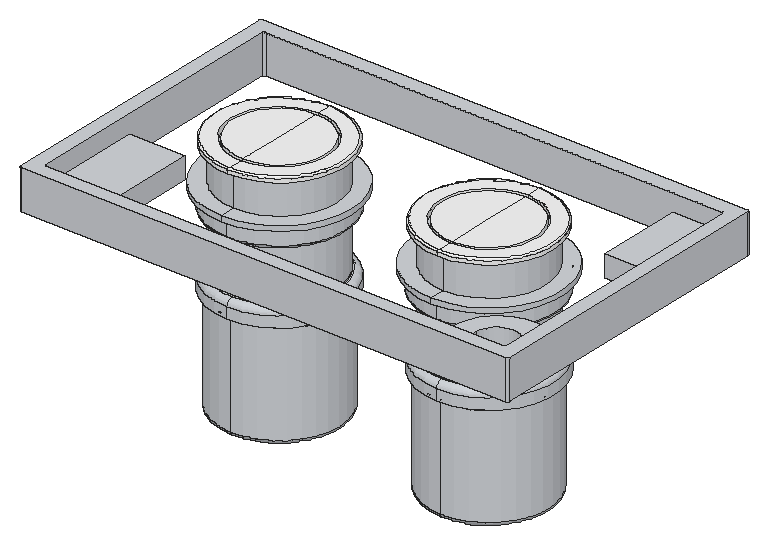
Revit family "Reece_Cistern Buttons_Hideaway_Plus_Cistern Button_Remote Access_Round Button", category Plumbing Fixtures, host Face, Revit 2018
Family settings
  Host = Face
  Round Connector Dimension = Use Diameter
  Part Type = Normal
  Cut with Voids When Loaded = No
  Shared = Yes
  Room Calculation Point = Yes
Parameters (values of type "Bright Chrome")
  Waste Connection = no
  WFU = 0  # constant formula
  Vent Connection = no
  URL = "https://www.reece.com.au/product/-9503686"
  Type Comments = "Cistern Buttons\r\n"
  Reece_Product_Web Page = "https://www.reece.com.au/product/-9503686"
  Reece_Product_Type = "Cistern Buttons\r\n"  # constant formula
  Reece_Product_Sub Brand = "Plus\r\n"  # constant formula
  Reece_Product_Number = "9503686"
  Reece_Product_Mount = "Wall Mounted"
  Reece_Product_Description = "Hideaway+ Round Remote Access Button Only (Inwall) ABS Chrome"
  Reece_Product_Brand = "Hideaway\r\n"  # constant formula
  Reece_Overall_Width = 46 mm  # constant formula
  Reece_Overall_Height = 46 mm  # constant formula
  Reece_Material_Main = Reece_Plastic_ABS_Bright Chrome
  Reece_Detail_Shape = "Round Button\r\n"  # constant formula
  Reece_Detail_Disclaimer = "THIS FILE IS THE PROPERTY OF THE REECE GROUP. IT MAY NOT BE REPRODUCED, REVERSE-ENGINEERED OR MODIFIED. ANY REPUBLICATION, TRANSMISSION OR DISTRIBUTION FOR THE PURPOSE OF COMMERCIALLY EXPLOITING THE FILES IS PROHIBITED."  # constant formula
  Reece_Detail_Additional = "Remote Access\r\n"  # constant formula
  Model = "Plus\r\n"
  Manufacturer = "Hideaway\r\n"
  Keynote = "Product #9503686, Reece_Cistern Buttons_Hideaway_Plus_Cistern Button_Remote Access_Round Button - Bright Chrome"
  HWFU = 0  # constant formula
  HW Connection = no
  Disclaimer = "THIS FILE IS THE PROPERTY OF THE REECE GROUP. IT MAY NOT BE REPRODUCED, REVERSE-ENGINEERED OR MODIFIED. ANY REPUBLICATION, TRANSMISSION OR DISTRIBUTION FOR THE PURPOSE OF COMMERCIALLY EXPLOITING THE FILES IS PROHIBITED."  # constant formula
  Description = "Hideaway+ Round Remote Access Button Only (Inwall) ABS Chrome"
  Default Elevation = 1000 mm
  CWFU = 0  # constant formula
  CW Connection = no
Types (2, lengths in mm): name | Keynote
  (no name) | "Product #9503686, Reece_Cistern Buttons_Hideaway_Plus_Cistern Button_Remote Access_Round Button -  "
  Bright Chrome | "Product #9503686, Reece_Cistern Buttons_Hideaway_Plus_Cistern Button_Remote Access_Round Button - Bright Chrome"
Reference planes
  plane 1 "Center (Front/Back)": y = 0
  plane 2 "Bottom": z = 0
  plane 3 "Center (Left/Right)": x = 0
  plane 4 "Top": z = 1.8
  plane 5 "ref1": x = -37.5
  plane 6 "ref2": x = 37.5
  plane 7: z = -95.2
  plane 8: x = -60.5
  plane 9: x = -14.5
  plane 10: x = 60.5
  plane 11: x = 14.5
  plane 12: x = -63.482
  plane 13: x = -11.531
  plane 14: x = 11.516
  plane 15: x = 63.482
  plane 16: y = 23
  plane 17: y = -23
  plane 18 "ref3": z = -1.8
  plane 19 "ref4": z = -15.736
Forms (mm)
  Revolve 1, solid
    sketch origin (-37.5, -4560.75, 113.027) x (0, 0, 1) y (0, -1, 0)
      loop
        arc (-208.227, -4580.807) -> (-208.061, -4581.209) -> (-207.66, -4581.375) r 0.568
        line (-207.66, -4581.375) -> (-201.58, -4581.375) -> (-201.58, -4555.375)
        arc (-201.58, -4555.375) -> (-206.28, -4557.316) -> (-208.227, -4562.013) r 6.638
        line (-208.227, -4562.013) -> (-208.227, -4580.807)
      axis (-201.58, -4555.375) -> (-201.58, -4581.375)
    angle from 0 to 360
  Revolve 2, solid
    sketch origin (-37.487, -4560.75, 113.809) x (0, 0, 1) y (0, -1, 0)
      loop
        line (-203.651, -4585.804) -> (-203.651, -4580.683) -> (-208.816, -4580.683) -> (-208.816, -4582.642)
        arc (-208.816, -4582.642) -> (-208.667, -4583) -> (-208.309, -4583.148) r 0.506
        line (-208.309, -4583.148) -> (-207.218, -4583.148) -> (-207.218, -4584.033) -> (-208.65, -4584.033) -> (-208.65, -4585.804) -> (-203.651, -4585.804)
      axis (-203.651, -4580.683) -> (-203.651, -4585.804)
    angle from 0 to 360
  Revolve 3, solid
    sketch origin (-37.5, -4572, 113.34) x (0, 0, 1) y (0, -1, 0)
      loop
        line (-127.301, -4597.982) -> (-125.53, -4597.982) -> (-125.53, -4592.339) -> (-113.34, -4592.339) -> (-113.34, -4572) -> (-197.969, -4572) -> (-197.969, -4592.428)
        arc (-197.969, -4592.428) -> (-197.639, -4593.226) -> (-196.841, -4593.557) r 1.128
        line (-196.841, -4593.557) -> (-160.747, -4593.557)
        arc (-160.747, -4593.557) -> (-160.02, -4593.858) -> (-159.719, -4594.585) r 1.028
        line (-159.719, -4594.585) -> (-159.719, -4595.38) -> (-155.843, -4595.346)
        arc (-155.843, -4595.346) -> (-154.279, -4594.686) -> (-153.633, -4593.117) r 2.229
        line (-153.633, -4593.117) -> (-153.633, -4591.787)
        arc (-153.633, -4591.787) -> (-153.494, -4592.175) -> (-153.116, -4592.339) r 0.519
        line (-153.116, -4592.339) -> (-133.937, -4592.339) -> (-133.937, -4594.982)
        arc (-133.937, -4594.982) -> (-133.791, -4595.336) -> (-133.437, -4595.482) r 0.5
        line (-133.437, -4595.482) -> (-127.301, -4595.482) -> (-127.301, -4597.982)
      axis (-113.34, -4572) -> (-197.969, -4572)
    angle from 0 to 360
  Revolve 4, solid, material "Reece_Plastic_ABS_Bright Chrome" <- "Reece_Material_Main"
    sketch origin (-37.5, -4572, 113.34) x (0, 0, 1) y (0, -1, 0)
      loop
        line (-113.34, -4595) -> (-112.053, -4595)
        arc (-112.053, -4595) -> (-111.69, -4594.85) -> (-111.54, -4594.487) r 0.513
        line (-111.54, -4594.487) -> (-111.54, -4572) -> (-113.34, -4572) -> (-113.34, -4595)
      axis (-111.54, -4572) -> (-113.34, -4572)
    angle from 0 to 360
  Revolve 5, solid, material "Reece_Plastic_ABS_Bright Chrome" <- "Reece_Material_Main"
    sketch origin (37.5, -4572, 104.634) x (0, 0, 1) y (0, -1, 0)
      loop
        line (-104.634, -4595) -> (-103.347, -4595)
        arc (-103.347, -4595) -> (-102.984, -4594.85) -> (-102.834, -4594.487) r 0.513
        line (-102.834, -4594.487) -> (-102.834, -4572) -> (-104.634, -4572) -> (-104.634, -4595)
      axis (-102.834, -4572) -> (-104.634, -4572)
    angle from 0 to 360
  Revolve 6, solid
    sketch origin (37.5, -4560.75, 106.196) x (0, 0, 1) y (0, -1, 0)
      loop
        arc (-201.396, -4580.807) -> (-201.23, -4581.209) -> (-200.829, -4581.375) r 0.568
        line (-200.829, -4581.375) -> (-194.749, -4581.375) -> (-194.749, -4555.375)
        arc (-194.749, -4555.375) -> (-199.449, -4557.316) -> (-201.396, -4562.013) r 6.638
        line (-201.396, -4562.013) -> (-201.396, -4580.807)
      axis (-194.749, -4555.375) -> (-194.749, -4581.375)
    angle from 0 to 360
  Revolve 7, solid
    sketch origin (37.5, -4560.75, 105.103) x (0, 0, 1) y (0, -1, 0)
      loop
        line (-194.945, -4585.804) -> (-194.945, -4580.683) -> (-200.11, -4580.683) -> (-200.11, -4582.642)
        arc (-200.11, -4582.642) -> (-199.961, -4583) -> (-199.604, -4583.148) r 0.506
        line (-199.604, -4583.148) -> (-198.512, -4583.148) -> (-198.512, -4584.033) -> (-199.944, -4584.033) -> (-199.944, -4585.804) -> (-194.945, -4585.804)
      axis (-194.945, -4580.683) -> (-194.945, -4585.804)
    angle from 0 to 360
  Revolve 8, solid
    sketch origin (37.5, -4572, 104.634) x (0, 0, 1) y (0, -1, 0)
      loop
        line (-118.595, -4597.982) -> (-116.824, -4597.982) -> (-116.824, -4592.339) -> (-104.634, -4592.339) -> (-104.634, -4572) -> (-189.263, -4572) -> (-189.263, -4592.428)
        arc (-189.263, -4592.428) -> (-188.933, -4593.226) -> (-188.135, -4593.557) r 1.128
        line (-188.135, -4593.557) -> (-152.041, -4593.557)
        arc (-152.041, -4593.557) -> (-151.314, -4593.858) -> (-151.013, -4594.585) r 1.028
        line (-151.013, -4594.585) -> (-151.013, -4595.38) -> (-147.138, -4595.346)
        arc (-147.138, -4595.346) -> (-145.574, -4594.686) -> (-144.927, -4593.117) r 2.229
        line (-144.927, -4593.117) -> (-144.927, -4591.787)
        arc (-144.927, -4591.787) -> (-144.788, -4592.175) -> (-144.41, -4592.339) r 0.519
        line (-144.41, -4592.339) -> (-125.231, -4592.339) -> (-125.231, -4594.982)
        arc (-125.231, -4594.982) -> (-125.085, -4595.336) -> (-124.731, -4595.482) r 0.5
        line (-124.731, -4595.482) -> (-118.595, -4595.482) -> (-118.595, -4597.982)
      axis (-104.634, -4572) -> (-189.263, -4572)
    angle from 0 to 360
  Revolve 9, void
    sketch origin (37.5, -4572, 104.634) x (0, 0, 1) y (0, -1, 0)
      loop
        line (-102.278, -4571.981) -> (-102.278, -4548.001) -> (-115.335, -4548.001) -> (-115.335, -4571.981) -> (-102.278, -4571.981)
      axis (-102.278, -4572) -> (-115.335, -4572)
    angle from 0 to 360
  Revolve 10, void
    sketch origin (-37.5, -4572, 113.34) x (0, 0, 1) y (0, -1, 0)
      loop
        line (-110.984, -4571.981) -> (-110.984, -4548.001) -> (-124.041, -4548.001) -> (-124.041, -4571.981) -> (-110.984, -4571.981)
      axis (-110.984, -4572) -> (-124.041, -4572)
    angle from 0 to 360
  Revolve 11, void
    sketch origin (37.5, -4572, 104.634) x (0, 0, 1) y (0, -1, 0)
      loop
        line (-100.895, -4554.642) -> (-104.634, -4554.642) -> (-104.634, -4555.642) -> (-100.895, -4555.642) -> (-100.895, -4554.642)
      axis (-100.895, -4572) -> (-104.634, -4572)
    angle from 0 to 360
  Revolve 12, void
    sketch origin (-37.5, -4572, 113.34) x (0, 0, 1) y (0, -1, 0)
      loop
        line (-109.601, -4554.642) -> (-113.34, -4554.642) -> (-113.34, -4555.642) -> (-109.601, -4555.642) -> (-109.601, -4554.642)
      axis (-109.601, -4572) -> (-113.34, -4572)
    angle from 0 to 360
  Revolve 13, void
    sketch origin (37.5, -4572, 104.634) x (0, 0, 1) y (0, -1, 0)
      loop
        line (-194.543, -4599.516) -> (-194.543, -4593.183) -> (-197.822, -4593.183) -> (-197.822, -4599.516) -> (-194.543, -4599.516)
      axis (-194.543, -4593.183) -> (-194.543, -4599.516)
    angle from 0 to 360
  Revolve 14, void
    sketch origin (-37.5, -4572, 113.34) x (0, 0, 1) y (0, -1, 0)
      loop
        line (-203.249, -4599.516) -> (-203.249, -4593.183) -> (-206.528, -4593.183) -> (-206.528, -4599.516) -> (-203.249, -4599.516)
      axis (-203.249, -4593.183) -> (-203.249, -4599.516)
    angle from 0 to 360
  Extrusion 15, solid
    sketch origin (0.003, 2.013, 0) x (1, 0, 0) y (0, 1, 0)
      loop
        arc (-81.691, 46.993) -> (-82.257, 46.758) -> (-82.491, 46.193) r 0.8
        line (-82.491, 46.193) -> (-82.491, -50.207)
        arc (-82.491, -50.207) -> (-82.257, -50.773) -> (-81.691, -51.007) r 0.8
        line (-81.691, -51.007) -> (81.709, -51.007)
        arc (81.709, -51.007) -> (82.275, -50.773) -> (82.509, -50.207) r 0.8
        line (82.509, -50.207) -> (82.509, 46.193)
        arc (82.509, 46.193) -> (82.275, 46.758) -> (81.709, 46.993) r 0.8
        line (81.709, 46.993) -> (-81.691, 46.993)
      loop
        arc (-87.491, -55.207) -> (-87.257, -55.773) -> (-86.691, -56.007) r 0.8
        line (-86.691, -56.007) -> (86.709, -56.007)
        arc (86.709, -56.007) -> (87.275, -55.773) -> (87.509, -55.207) r 0.8
        line (87.509, -55.207) -> (87.509, 51.193)
        arc (87.509, 51.193) -> (87.275, 51.758) -> (86.709, 51.993) r 0.8
        line (86.709, 51.993) -> (-86.691, 51.993)
        arc (-86.691, 51.993) -> (-87.257, 51.758) -> (-87.491, 51.193) r 0.8
        line (-87.491, 51.193) -> (-87.491, -55.207)
    from -1.8 to -15.736
  Extrusion 16, solid
    sketch origin (0.012, 0.006, 0) x (1, 0, 0) y (0, 1, 0)
      loop
        line (81.7, 49) -> (64.407, 49) -> (64.407, 18.2) -> (82.5, 18.2) -> (82.5, 48.2)
        arc (82.5, 48.2) -> (82.266, 48.766) -> (81.7, 49) r 0.8
      loop
        line (-82.5, -11.274) -> (-82.5, -40.412) -> (-62.5, -40.412) -> (-62.5, -11.274) -> (-82.5, -11.274)
    from -15.736 to -8.074
  Extrusion 17, solid
    sketch origin (0.012, 0.006, 0) x (1, 0, 0) y (0, 1, 0)
      loop
        arc (81.7, -49) -> (82.266, -48.766) -> (82.5, -48.2) r 0.8
        line (82.5, -48.2) -> (82.5, -22.255) -> (71.456, -22.255)
        arc (71.456, -22.255) -> (59.814, -27.077) -> (54.992, -38.719) r 16.464
        line (54.992, -38.719) -> (54.992, -49) -> (81.7, -49)
      loop
        circle (69.689, -36.831) r 7.432
    from -15.736 to -9.597
  Extrusion 18, void
    sketch origin (0, 0, 0) x (1, 0, 0) y (0, 1, 0)
      loop
        arc (-87.488, -53.194) -> (-87.253, -53.76) -> (-86.688, -53.994) r 0.8
        line (-86.688, -53.994) -> (86.712, -53.994)
        arc (86.712, -53.994) -> (87.278, -53.76) -> (87.512, -53.194) r 0.8
        line (87.512, -53.194) -> (87.512, 53.206)
        arc (87.512, 53.206) -> (87.278, 53.771) -> (86.712, 54.006) r 0.8
        line (86.712, 54.006) -> (-86.688, 54.006)
        arc (-86.688, 54.006) -> (-87.253, 53.771) -> (-87.488, 53.206) r 0.8
        line (-87.488, 53.206) -> (-87.488, -53.194)
    from -95.2 to -1.8
Cuts and joins
  Revolve 10, Revolve 11, Revolve 12 cuts Revolve 5
  Revolve 12 cuts Revolve 8
  joined: Revolve 1, Revolve 3, Revolve 6, Revolve 8, Extrusion 15
  Revolve 12 cuts Revolve 4
  Revolve 13 cuts Revolve 7
  Revolve 14 cuts Revolve 2
Text (mm)
  text "Reece Copyright © 2018, Reece Ltd." at (-41.834, -189.277, 0), in view "Ref. Level"
  text "Reece ©" at (48.566, 204.762, 133.975), in view "Reece Preview"
Dimensions and locks
  plane 5 "ref1" to plane 6 "ref2" = 75 mm
  equal spacing: plane 5 "ref1", plane 3 "Center (Left/Right)", plane 6 "ref2"
  locked: plane 4 "Top" to host face at 1.8
  plane 6 "ref2" to plane 5 "ref1" = 75 mm
  equal spacing: plane 6 "ref2", plane 3 "Center (Left/Right)", plane 5 "ref1"
  plane 7 to plane 4 "Top" = 97 mm
  plane 4 "Top" to plane 7 = 97 mm  (x3)
  plane 8 to plane 9 = 46 mm  (x2)
  plane 11 to plane 10 = 46 mm
  plane 12 to plane 13 to plane 3 "Center (Left/Right)" to plane 14 to plane 15 = 51.951 mm locked, 11.531 mm, 11.516 mm, 51.966 mm locked
  plane 12 to plane 13 = 51.951 mm
  plane 14 to plane 15 = 51.966 mm
  "Reece_Overall_Width": plane 16 to plane 17
  plane 10 to plane 11 = 46 mm
  host face to plane 4 "Top" = 1.8 mm
  host face to Revolve 3 = 46.379 mm
  host face to cut or joined group of Revolve 1, Revolve 3, Revolve 6, Revolve 8, Revolve 12, Extrusion 15 = 46.379 mm
  locked: plane 2 "Bottom" to plane 18 "ref3" at 1.8
  aligned and locked: plane 2 "Bottom" to host face
  aligned and locked: level to host face
  aligned and locked: Revolve 9 sketch curve to plane 1 "Center (Front/Back)"
  aligned and locked: Revolve 11 sketch curve to plane 1 "Center (Front/Back)"
  aligned and locked: Extrusion 15 to plane 18 "ref3"
  aligned and locked: plane 19 "ref4" to cut or joined group of Revolve 1, Revolve 3, Revolve 6, Revolve 8, Revolve 12, Extrusion 15
  aligned and locked: Extrusion 18 to cut or joined group of Revolve 1, Revolve 3, Revolve 6, Revolve 8, Revolve 12, Extrusion 15
  aligned and locked: Extrusion 18 to plane 7
Automatic sketch dimensions
  host sketch curve to host sketch curve = 380.785 mm
  host sketch curve to host sketch curve = 317.421 mm
  Revolve 1 sketch curve to plane 7 = 0 mm
  plane 7 to Revolve 1 sketch curve = 0.568 mm
  Revolve 1 sketch curve to plane 1 "Center (Front/Back)" = 1.263 mm
  Revolve 1 sketch curve to Revolve 1 sketch curve = 6.638 mm
  plane 1 "Center (Front/Back)" to Revolve 1 sketch curve = 5.375 mm
  Revolve 1 sketch curve to plane 16 = 2.943 mm
  plane 7 to Revolve 1 sketch curve = 6.648 mm
  plane 16 to Revolve 1 sketch curve = 6.565 mm
  Revolve 1 sketch curve to Revolve 1 sketch curve = 3.688 mm
  plane 7 to Revolve 2 sketch curve = 0.193 mm
  plane 7 to Revolve 2 sketch curve = 0.359 mm
  Revolve 2 sketch curve to Revolve 2 sketch curve = 0.506 mm
  plane 16 to Revolve 2 sketch curve = 0.283 mm
  Revolve 2 sketch curve to Revolve 2 sketch curve = 1.091 mm
  Revolve 2 sketch curve to Revolve 2 sketch curve = 3.567 mm
  plane 16 to Revolve 2 sketch curve = 2.054 mm
  Revolve 2 sketch curve to Revolve 2 sketch curve = 1.77 mm
  Revolve 2 sketch curve to plane 16 = 0.602 mm
  Revolve 2 sketch curve to Revolve 2 sketch curve = 1.959 mm
  Revolve 2 sketch curve to Revolve 2 sketch curve = 0 mm
  Revolve 2 sketch curve to Revolve 2 sketch curve = 3.874 mm
  plane 1 "Center (Front/Back)" to Revolve 2 sketch curve = 8.51 mm
  Revolve 3 sketch curve to plane 1 "Center (Front/Back)" = 0 mm  (x2)
  level to Revolve 3 sketch curve = 0 mm
  plane 16 to Revolve 3 sketch curve = 2.982 mm
  Revolve 3 sketch curve to level = 12.191 mm
  plane 16 to Revolve 3 sketch curve = 0.482 mm
  Revolve 3 sketch curve to Revolve 3 sketch curve = 1.771 mm
  Revolve 3 sketch curve to Revolve 3 sketch curve = 6.135 mm
  Revolve 3 sketch curve to Revolve 3 sketch curve = 0.5 mm
  Revolve 3 sketch curve to plane 16 = 3.179 mm
  Revolve 3 sketch curve to Revolve 3 sketch curve = 19.179 mm
  Revolve 3 sketch curve to Revolve 3 sketch curve = 0.518 mm
  plane 16 to Revolve 3 sketch curve = 0.346 mm
  Revolve 3 sketch curve to Revolve 3 sketch curve = 2.21 mm
  Revolve 3 sketch curve to plane 16 = 1.883 mm
  plane 16 to Revolve 3 sketch curve = 0.38 mm
  Revolve 3 sketch curve to Revolve 3 sketch curve = 3.875 mm
  Revolve 3 sketch curve to plane 16 = 0.415 mm
  Revolve 3 sketch curve to Revolve 3 sketch curve = 1.028 mm
  plane 7 to Revolve 3 sketch curve = 11.699 mm
  Revolve 3 sketch curve to Revolve 3 sketch curve = 1.128 mm
  Revolve 3 sketch curve to Revolve 3 sketch curve = 2.642 mm
  Revolve 3 sketch curve to plane 16 = 2.661 mm
  Revolve 3 sketch curve to Revolve 3 sketch curve = 5.988 mm
  plane 4 "Top" to Revolve 3 sketch curve = 26.918 mm
  Revolve 4 sketch curve to plane 1 "Center (Front/Back)" = 0 mm  (x2)
  level to Revolve 4 sketch curve = 0 mm
  Revolve 4 sketch curve to plane 16 = 0 mm
  Revolve 4 sketch curve to plane 4 "Top" = 0 mm
  Revolve 4 sketch curve to plane 4 "Top" = 0.513 mm
  Revolve 4 sketch curve to level = 5.832 mm
  Revolve 4 sketch curve to Revolve 4 sketch curve = 14.481 mm
  Revolve 5 sketch curve to plane 1 "Center (Front/Back)" = 0 mm  (x2)
  Revolve 5 sketch curve to level = 0 mm
  Revolve 5 sketch curve to plane 16 = 0 mm
  Revolve 5 sketch curve to plane 4 "Top" = 0 mm
  plane 4 "Top" to Revolve 5 sketch curve = 0.513 mm
  level to Revolve 5 sketch curve = 5.832 mm
  Revolve 5 sketch curve to Revolve 5 sketch curve = 14.481 mm
  Revolve 6 sketch curve to plane 7 = 0 mm
  Revolve 6 sketch curve to plane 7 = 0.568 mm
  plane 1 "Center (Front/Back)" to Revolve 6 sketch curve = 1.263 mm
  Revolve 6 sketch curve to Revolve 6 sketch curve = 6.638 mm
  Revolve 6 sketch curve to plane 1 "Center (Front/Back)" = 5.375 mm
  plane 16 to Revolve 6 sketch curve = 2.943 mm
  Revolve 6 sketch curve to plane 7 = 6.648 mm
  Revolve 6 sketch curve to plane 16 = 6.565 mm
  Revolve 6 sketch curve to Revolve 6 sketch curve = 3.688 mm
  Revolve 7 sketch curve to plane 7 = 0.193 mm
  Revolve 7 sketch curve to plane 7 = 0.359 mm
  Revolve 7 sketch curve to Revolve 7 sketch curve = 0.506 mm
  Revolve 7 sketch curve to plane 16 = 0.283 mm
  Revolve 7 sketch curve to Revolve 7 sketch curve = 1.091 mm
  Revolve 7 sketch curve to Revolve 7 sketch curve = 3.567 mm
  Revolve 7 sketch curve to plane 16 = 2.054 mm
  Revolve 7 sketch curve to Revolve 7 sketch curve = 1.77 mm
  plane 16 to Revolve 7 sketch curve = 0.602 mm
  Revolve 7 sketch curve to Revolve 7 sketch curve = 1.959 mm
  Revolve 7 sketch curve to Revolve 7 sketch curve = 0 mm
  Revolve 7 sketch curve to Revolve 7 sketch curve = 3.874 mm
  Revolve 7 sketch curve to plane 1 "Center (Front/Back)" = 8.51 mm
  Revolve 8 sketch curve to plane 1 "Center (Front/Back)" = 0 mm  (x2)
  Revolve 8 sketch curve to level = 0 mm
  Revolve 8 sketch curve to plane 16 = 2.982 mm
  level to Revolve 8 sketch curve = 12.191 mm
  Revolve 8 sketch curve to plane 16 = 0.482 mm
  Revolve 8 sketch curve to Revolve 8 sketch curve = 1.771 mm
  Revolve 8 sketch curve to Revolve 8 sketch curve = 6.135 mm
  Revolve 8 sketch curve to Revolve 8 sketch curve = 0.5 mm
  plane 16 to Revolve 8 sketch curve = 3.179 mm
  Revolve 8 sketch curve to Revolve 8 sketch curve = 19.179 mm
  Revolve 8 sketch curve to Revolve 8 sketch curve = 0.518 mm
  Revolve 8 sketch curve to plane 16 = 0.346 mm
  Revolve 8 sketch curve to Revolve 8 sketch curve = 2.21 mm
  plane 16 to Revolve 8 sketch curve = 1.883 mm
  Revolve 8 sketch curve to plane 16 = 0.38 mm
  Revolve 8 sketch curve to Revolve 8 sketch curve = 3.875 mm
  plane 16 to Revolve 8 sketch curve = 0.415 mm
  Revolve 8 sketch curve to Revolve 8 sketch curve = 1.028 mm
  Revolve 8 sketch curve to plane 7 = 11.699 mm
  Revolve 8 sketch curve to Revolve 8 sketch curve = 1.128 mm
  Revolve 8 sketch curve to Revolve 8 sketch curve = 2.642 mm
  plane 16 to Revolve 8 sketch curve = 2.661 mm
  Revolve 8 sketch curve to Revolve 8 sketch curve = 5.988 mm
  Revolve 8 sketch curve to plane 4 "Top" = 26.918 mm
  Revolve 9 sketch curve to plane 1 "Center (Front/Back)" = 0.019 mm
  level to Revolve 9 sketch curve = 10.701 mm
  Revolve 9 sketch curve to plane 4 "Top" = 0.556 mm
  plane 17 to Revolve 9 sketch curve = 0.999 mm
  Revolve 9 sketch curve to Revolve 9 sketch curve = 7.163 mm
  Revolve 9 sketch curve to Revolve 9 sketch curve = 16.507 mm
  Revolve 10 sketch curve to plane 1 "Center (Front/Back)" = 0 mm
  plane 1 "Center (Front/Back)" to Revolve 10 sketch curve = 0.019 mm
  Revolve 10 sketch curve to level = 10.701 mm
  plane 4 "Top" to Revolve 10 sketch curve = 0.556 mm
  Revolve 10 sketch curve to plane 17 = 0.999 mm
  Revolve 10 sketch curve to Revolve 10 sketch curve = 7.163 mm
  Revolve 10 sketch curve to Revolve 10 sketch curve = 16.507 mm
  Revolve 11 sketch curve to level = 0 mm
  Revolve 11 sketch curve to plane 4 "Top" = 1.939 mm
  Revolve 11 sketch curve to plane 17 = 6.642 mm
  Revolve 11 sketch curve to Revolve 11 sketch curve = 1 mm
  level to Revolve 11 sketch curve = 2.825 mm
  Revolve 11 sketch curve to plane 4 "Top" = 10.375 mm
  Revolve 12 sketch curve to plane 1 "Center (Front/Back)" = 0 mm
  level to Revolve 12 sketch curve = 0 mm
  plane 4 "Top" to Revolve 12 sketch curve = 1.939 mm
  plane 17 to Revolve 12 sketch curve = 6.642 mm
  Revolve 12 sketch curve to Revolve 12 sketch curve = 1 mm
  Revolve 12 sketch curve to level = 2.825 mm
  plane 4 "Top" to Revolve 12 sketch curve = 10.375 mm
  Revolve 13 sketch curve to plane 7 = 2.012 mm
  Revolve 13 sketch curve to Revolve 13 sketch curve = 3.28 mm
  Revolve 13 sketch curve to plane 16 = 4.516 mm
  Revolve 13 sketch curve to Revolve 13 sketch curve = 0 mm  (x2)
  plane 16 to Revolve 13 sketch curve = 1.817 mm
  Revolve 13 sketch curve to Revolve 13 sketch curve = 3.874 mm
  Revolve 13 sketch curve to plane 1 "Center (Front/Back)" = 6.048 mm
  plane 7 to Revolve 14 sketch curve = 2.012 mm
  Revolve 14 sketch curve to Revolve 14 sketch curve = 3.28 mm
  plane 16 to Revolve 14 sketch curve = 4.516 mm
  Revolve 14 sketch curve to Revolve 14 sketch curve = 0 mm  (x2)
  Revolve 14 sketch curve to plane 16 = 1.817 mm
  Revolve 14 sketch curve to Revolve 14 sketch curve = 3.874 mm
  plane 1 "Center (Front/Back)" to Revolve 14 sketch curve = 6.048 mm
  plane 12 to Extrusion 15 sketch curve = 24.005 mm
  Extrusion 15 sketch curve to Extrusion 15 sketch curve = 0.8 mm  (x6)
  Extrusion 15 sketch curve to Extrusion 15 sketch curve = 4.2 mm  (x2)
  Extrusion 15 sketch curve to plane 15 = 18.23 mm  (x2)
  Extrusion 15 sketch curve to Extrusion 15 sketch curve = 5 mm  (x3)
  Extrusion 15 sketch curve to plane 17 = 30.994 mm
  plane 16 to Extrusion 15 sketch curve = 25.206 mm
  plane 12 to Extrusion 16 sketch curve = 19.005 mm
  Extrusion 16 sketch curve to plane 12 = 0.995 mm
  Extrusion 16 sketch curve to plane 15 = 0.938 mm
  Extrusion 16 sketch curve to Extrusion 16 sketch curve = 17.293 mm
  Extrusion 16 sketch curve to Extrusion 16 sketch curve = 0.8 mm
  Extrusion 16 sketch curve to plane 17 = 17.406 mm
  plane 1 "Center (Front/Back)" to Extrusion 16 sketch curve = 11.268 mm
  Extrusion 16 sketch curve to plane 16 = 4.794 mm
  plane 16 to Extrusion 16 sketch curve = 25.206 mm
  Extrusion 17 sketch curve to plane 10 = 5.496 mm
  Extrusion 17 sketch curve to plane 15 = 6.219 mm
  Extrusion 17 sketch curve to Extrusion 17 sketch curve = 1.767 mm
  Extrusion 17 sketch curve to Extrusion 17 sketch curve = 10.244 mm
  plane 17 to Extrusion 17 sketch curve = 0.751 mm
  Extrusion 17 sketch curve to Extrusion 17 sketch curve = 11.044 mm
  Extrusion 17 sketch curve to Extrusion 17 sketch curve = 9.481 mm
  Extrusion 17 sketch curve to Extrusion 17 sketch curve = 1.888 mm
  plane 12 to Extrusion 18 sketch curve = 24.005 mm
  Extrusion 18 sketch curve to Extrusion 18 sketch curve = 0.8 mm  (x3)
  Extrusion 18 sketch curve to plane 15 = 23.23 mm  (x2)
  Extrusion 18 sketch curve to plane 17 = 30.994 mm
  plane 16 to Extrusion 18 sketch curve = 30.206 mm
  radius of Extrusion 17 sketch curve = 7.432 mm
